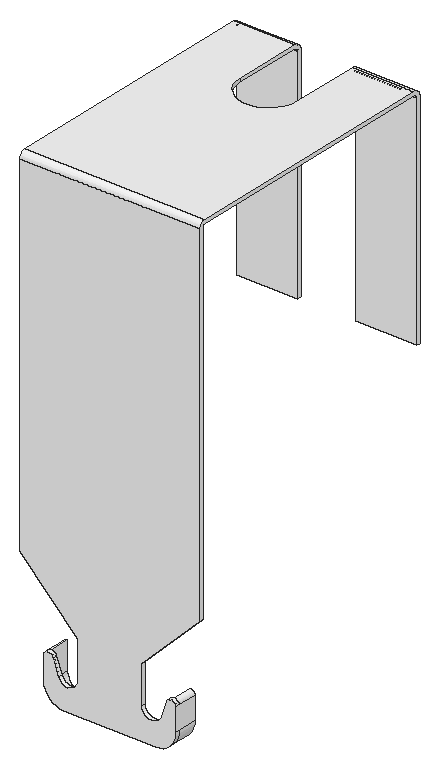
Revit family "sclip_75", category 機械設備, Revit 2022
Family settings
  丸型コネクタ寸法 = 直径を使用
  種別 = なし
  パーツ タイプ = 標準
  作業面ベース = いいえ
  常に垂直 = はい
  ロード時にボイドで切り取り = いいえ
  注釈の向きを維持 = いいえ
  共有 = いいえ
  部屋計算ポイント = いいえ
Parameters
  製造元 = "株式会社桐井製作所"
  既定の高さ = 0 mm
  URL = "https://www.kirii.co.jp/"
  K_品名 = "特殊75mmSクリップ"
  K_名称 = "特殊クリップ"
  K_入数 = "500"
  K_バージョン情報 = "20211012"
Reference planes
  plane 1 "中心(正面/背面)": y = 0
  plane 2: z = 0
  plane 3 "中心(左/右)": x = 0
Forms (mm)
  Extrusion 1, solid
    sketch origin (0, 30, 0) x (0, 1, 0) y (0, 0, 1)
      loop
        line (-30, 0) -> (-29.4, -0.6) -> (-29.4, 83) -> (16, 83)
        arc (16, 83) -> (16.46, 82.81) -> (16.65, 82.35) r 0.65
        line (16.65, 82.35) -> (16.65, 43.6) -> (17.25, 44.2) -> (17.25, 82.35)
        arc (17.25, 82.35) -> (16.884, 83.234) -> (16, 83.6) r 1.25
        line (16, 83.6) -> (-29, 83.6)
        arc (-29, 83.6) -> (-29.707, 83.307) -> (-30, 82.6) r 1
        line (-30, 82.6) -> (-30, 0)
    from -15.5 to 15.5
  Extrusion 2, void
    sketch origin (0, -0.6, -0.8) x (0, 1, 0) y (0, 0, 1)
      loop
        line (0.387, 0.8) -> (0.387, -0.064) -> (1.428, -0.064) -> (1.428, 0.8) -> (0.387, 0.8)
    from -15.5 to 15.5
  Extrusion 3, void
    sketch origin (0, 34.471, 33.072) x (1, 0, 0) y (0, 1, 0)
      loop
        line (-5, 12.779) -> (-5, -0.205)
        arc (-5, -0.205) -> (0, -5.205) -> (5, -0.205) r 5
        line (5, -0.205) -> (5, 12.779) -> (-5, 12.779)
    from 10.251 to 50.528
  Extrusion 4, void
    sketch origin (0, 30.371, 19.426) x (0, 1, 0) y (0, 0, 1)
      loop
        line (15.756, 24.774) -> (15.756, 23.898) -> (16.879, 23.898) -> (16.879, 24.774) -> (15.756, 24.774)
    from -15.5 to 15.5
  Extrusion 5, void
    sketch origin (0, 0, 0) x (1, 0, 0) y (0, 0, 1)
      loop
        line (-15.5, 22) -> (-15.5, 0) -> (-7.9, 0)
        arc (-7.9, 0) -> (-10.375, 1.025) -> (-11.4, 3.5) r 3.5
        line (-11.4, 3.5) -> (-11.4, 7.4)
        arc (-11.4, 7.4) -> (-10.668, 8.226) -> (-9.759, 7.598) r 0.832
        line (-9.759, 7.598) -> (-8.852, 5.004)
        arc (-8.852, 5.004) -> (-6.971, 3.868) -> (-5.5, 5.5) r 1.725
        line (-5.5, 5.5) -> (-5.5, 12) -> (-15.5, 22)
      loop
        line (15.5, 22) -> (5.5, 12) -> (5.5, 5.5)
        arc (5.5, 5.5) -> (6.971, 3.868) -> (8.852, 5.004) r 1.725
        line (8.852, 5.004) -> (9.759, 7.598)
        arc (9.759, 7.598) -> (10.668, 8.226) -> (11.4, 7.4) r 0.832
        line (11.4, 7.4) -> (11.4, 3.5)
        arc (11.4, 3.5) -> (10.375, 1.025) -> (7.9, 0) r 3.5
        line (7.9, 0) -> (15.5, 0) -> (15.5, 22)
    from -0.6 to 0
  Extrusion 6, solid
    sketch origin (0, 0, 0) x (1, 0, 0) y (0, 0, 1)
      loop
        arc (11.4, 7.4) -> (11.168, 7.977) -> (10.6, 8.232) r 0.832
        line (10.6, 8.232) -> (10.6, 3.5)
        arc (10.6, 3.5) -> (9.809, 1.591) -> (7.9, 0.8) r 2.7
        line (7.9, 0.8) -> (-7.9, 0.8)
        arc (-7.9, 0.8) -> (-9.809, 1.591) -> (-10.6, 3.5) r 2.7
        line (-10.6, 3.5) -> (-10.6, 8.232)
        arc (-10.6, 8.232) -> (-11.168, 7.977) -> (-11.4, 7.4) r 0.832
        line (-11.4, 7.4) -> (-11.4, 3.5)
        arc (-11.4, 3.5) -> (-10.375, 1.025) -> (-7.9, 0) r 3.5
        line (-7.9, 0) -> (7.9, 0)
        arc (7.9, 0) -> (10.375, 1.025) -> (11.4, 3.5) r 3.5
        line (11.4, 3.5) -> (11.4, 7.4)
    from -4 to -0.6
Cuts and joins
  Extrusion 2, Extrusion 3, Extrusion 4, Extrusion 5 cuts Extrusion 1
  joined: Extrusion 1, Extrusion 6
Dimensions and locks
  aligned and locked: level to plane 2
